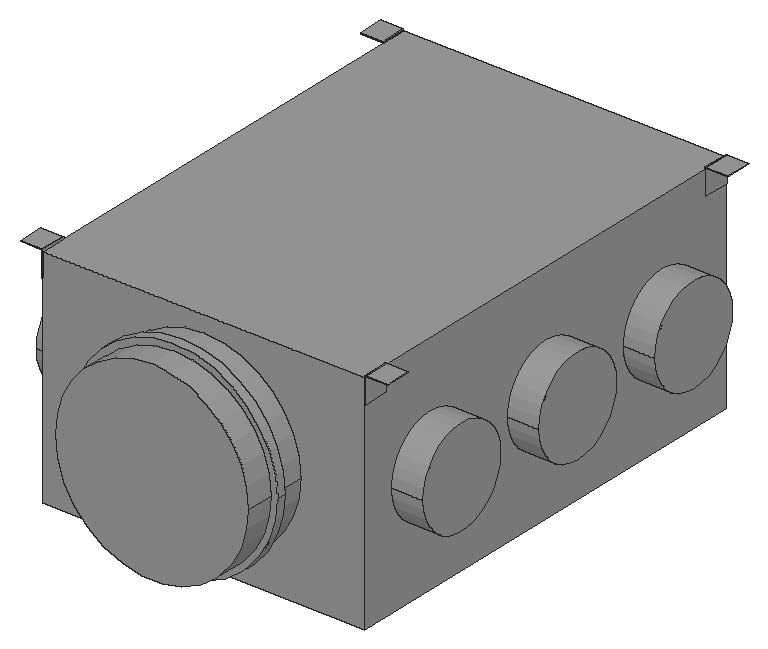
Revit family "SA_FASU(F8-150 300Φ)", category ダクト付属品, Revit 2021
Family settings
  丸型コネクタ寸法 = 直径を使用
  パーツ タイプ = ダンパー
  OmniClass 番号 = 23.75.00.00
  OmniClass タイトル = Climate Control (HVAC)
  作業面ベース = いいえ
  常に垂直 = はい
  ロード時にボイドで切り取り = いいえ
  共有 = いいえ
Parameters
  高さ = 350 mm
  風量 = 0.0 L/s
  符号 = "FASU"
  形式 = "F8-150 300φ"
  幅 [instance] = 500 mm
  奥行き = 700 mm
  大きさ = 250 mm
  呼称 = "FASUチャンバー"
  付属品_下端レベル [instance] = 0 mm
  マテリアル [instance] = 既定値
  ダクト_イン = 300 mm
  ダクト_アウト = 150 mm
  既定の高さ = 0 mm
Reference planes
  plane 1 "中心(正面/背面)": y = 0
  plane 2: z = 0
  plane 3 "中心(左/右)": x = 0
  plane 4: x = -250
  plane 5: x = 250
  plane 6: y = -700
  plane 7: z = 350
  plane 8: z = 175
  plane 9: z = 266.963
  plane 10: z = 86.159
  plane 11: x = -251
  plane 12: z = 313.122
  plane 13: z = 352.122
  plane 14: y = -350
Forms (mm)
  Extrusion 1, solid, material "既定値" <- "マテリアル"
    sketch origin (0, 0, 0) x (1, 0, 0) y (0, 1, 0)
      loop
        line (-250, 0) -> (-250, -700) -> (250, -700) -> (250, 0) -> (-250, 0)
    from 0 to 350
  Extrusion 2, solid, material "既定値" <- "マテリアル"
    sketch origin (0, -30, 0) x (1, 0, 0) y (0, 1, 0)
      loop
        line (-250, 30) -> (-251, 30) -> (-251, -10) -> (-250, -10) -> (-250, 30)
    from 313.122 to 350
  Extrusion 3, solid, material "既定値" <- "マテリアル"
    sketch origin (0, -30, 0) x (1, 0, 0) y (0, 1, 0)
      loop
        line (-285, 30) -> (-285, -10) -> (-251, -10) -> (-251, 30) -> (-285, 30)
    from 352.122 to 350
  Extrusion 4, solid, material "既定値" <- "マテリアル"
    sketch origin (0, -30, 0) x (-1, 0, 0) y (0, -1, 0)
      loop
        line (-250, -30) -> (-250, 10) -> (-251, 10) -> (-251, -30) -> (-250, -30)
    from 313.122 to 353.122
  Extrusion 5, solid, material "既定値" <- "マテリアル"
    sketch origin (0, -30, 0) x (-1, 0, 0) y (0, -1, 0)
      loop
        line (-285, -30) -> (-251, -30) -> (-251, 10) -> (-285, 10) -> (-285, -30)
    from 352.122 to 353.122
  Extrusion 6, solid, material "既定値" <- "マテリアル"
    sketch origin (0, -490, 0) x (1, 0, 0) y (0, 1, 0)
      loop
        line (-285, -170) -> (-285, -210) -> (-251, -210) -> (-251, -170) -> (-285, -170)
    from 352.122 to 353.122
  Extrusion 7, solid, material "既定値" <- "マテリアル"
    sketch origin (0, -490, 0) x (1, 0, 0) y (0, 1, 0)
      loop
        line (-250, -170) -> (-251, -170) -> (-251, -210) -> (-250, -210) -> (-250, -170)
    from 313.122 to 353.122
  Extrusion 8, solid, material "既定値" <- "マテリアル"
    sketch origin (0, -490, 0) x (-1, 0, 0) y (0, -1, 0)
      loop
        line (-285, 170) -> (-251, 170) -> (-251, 210) -> (-285, 210) -> (-285, 170)
    from 352.122 to 353.122
  Extrusion 9, solid, material "既定値" <- "マテリアル"
    sketch origin (0, -490, 0) x (-1, 0, 0) y (0, -1, 0)
      loop
        line (-250, 170) -> (-250, 210) -> (-251, 210) -> (-251, 170) -> (-250, 170)
    from 313.122 to 353.122
  Extrusion 10, solid, material "既定値" <- "マテリアル"
    sketch origin (550, -582.5, 0) x (0, -1, 0) y (0, 0, -1)
      loop
        circle (-232.5, -175) r 74.985
    from -300 to -250
  Extrusion 11, solid, material "既定値" <- "マテリアル"
    sketch origin (-550, -582.5, 0) x (0, -1, 0) y (0, 0, 1)
      loop
        circle (-232.5, 175) r 74.985
    from -300 to -250
  Extrusion 12, solid, material "既定値" <- "マテリアル"
    sketch origin (0, -700, 0) x (1, 0, 0) y (0, 0, 1)
      loop
        circle (0, 175) r 150
    from 0 to 42.5
  Extrusion 13, solid, material "既定値" <- "マテリアル"
    sketch origin (0, -743, 0) x (1, 0, 0) y (0, 0, 1)
      loop
        circle (0, 175) r 160
    from -0.5 to 14.5
  Extrusion 14, solid, material "既定値" <- "マテリアル"
    sketch origin (0, -757.5, 0) x (1, 0, 0) y (0, 0, 1)
      loop
        circle (0, 175) r 150
    from 0 to 42.5
  Extrusion 15, solid, material "既定値" <- "マテリアル"
    sketch origin (550, -357.5, 0) x (0, -1, 0) y (0, 0, -1)
      loop
        circle (-232.5, -175) r 74.985
    from -300 to -250
  Extrusion 16, solid, material "既定値" <- "マテリアル"
    sketch origin (-550, -357.5, 0) x (0, -1, 0) y (0, 0, 1)
      loop
        circle (-232.5, 175) r 74.985
    from -300 to -250
  Extrusion 17, solid, material "既定値" <- "マテリアル"
    sketch origin (550, -142.5, 0) x (0, 1, 0) y (0, 0, 1)
      loop
        circle (-432.5, 175) r 74.985
    from -300 to -250
  Extrusion 18, solid, material "既定値" <- "マテリアル"
    sketch origin (0, -142.5, 0) x (0, 1, 0) y (0, 0, 1)
      loop
        circle (-432.5, 175) r 74.985
    from -300 to -250
  Extrusion 19, solid, material "既定値" <- "マテリアル"
    sketch origin (345.5, 300, 0) x (1, 0, 0) y (0, 0, -1)
      loop
        circle (-232.5, -175) r 74.985
    from -300 to -250
  Extrusion 20, solid, material "既定値" <- "マテリアル"
    sketch origin (-345.5, 300, 0) x (-1, 0, 0) y (0, 0, 1)
      loop
        circle (-232.5, 175) r 74.985
    from -300 to -250
Lines and regions (mm)
  model lines
    curve 1: line (-250, -30, 0) -> (250, -30, 0)
    curve 2: line (-250, -670, 0) -> (250, -670, 0)
Text (mm)
  text "FASU(F8-150 300Φ)" at (3.713, -630.412, 0), in view "参照レベル"
Dimensions and locks
  equal spacing: plane 4, plane 3 "中心(左/右)", plane 5
  "幅": plane 4 to plane 5
  "奥行き": plane 6 to plane 1 "中心(正面/背面)"
  "高さ": plane 7 to level
  equal spacing: plane 7, plane 8, level
  equal spacing: plane 6, plane 14, plane 1 "中心(正面/背面)"
  aligned and locked: level to plane 2
  aligned and locked: Extrusion 1 sketch curve to plane 5
  aligned and locked: plane 7 to Extrusion 1
  aligned and locked: Extrusion 2 sketch curve to Extrusion 1
  aligned and locked: plane 7 to Extrusion 2
  aligned and locked: Extrusion 3 sketch curve to Extrusion 2
  aligned and locked: Extrusion 2 to Extrusion 3 sketch curve
  aligned and locked: plane 7 to Extrusion 3
  aligned and locked: Extrusion 3 to plane 13
  aligned and locked: Extrusion 4 to Extrusion 5 sketch curve
  aligned and locked: Extrusion 5 sketch curve to Extrusion 4
  aligned and locked: Extrusion 1 to Extrusion 8
  aligned and locked: Extrusion 6 to Extrusion 1
  aligned and locked: Extrusion 7 to Extrusion 1
  aligned and locked: Extrusion 1 to Extrusion 9
  aligned and locked: Extrusion 9 to Extrusion 8
  aligned and locked: Extrusion 7 to Extrusion 6
  aligned and locked: plane 4 to Extrusion 7
  aligned and locked: Extrusion 9 to plane 5
  aligned and locked: plane 4 to curve 1
  aligned and locked: plane 5 to curve 1
  aligned and locked: plane 5 to curve 2
  aligned and locked: Extrusion 1 to Extrusion 3
  aligned and locked: Extrusion 5 to Extrusion 1
  aligned and locked: Extrusion 4 to plane 5
  aligned and locked: Extrusion 1 to plane 6
  aligned and locked: Extrusion 1 to plane 1 "中心(正面/背面)"
  aligned and locked: plane 6 to Extrusion 12
  aligned and locked: Extrusion 15 to plane 5
  aligned and locked: plane 4 to Extrusion 16
  aligned and locked: Extrusion 17 to plane 5
  aligned and locked: plane 4 to Extrusion 18
  aligned and locked: plane 1 "中心(正面/背面)" to Extrusion 19
  aligned and locked: plane 1 "中心(正面/背面)" to Extrusion 20
Automatic sketch dimensions
  curve 2 to plane 4 = 0 mm
  plane 6 to curve 2 = 30 mm
  plane 1 "中心(正面/背面)" to curve 1 = 30 mm
  Extrusion 1 sketch curve to plane 4 = 0 mm
  Extrusion 1 sketch curve to plane 6 = 0 mm
  plane 1 "中心(正面/背面)" to Extrusion 1 sketch curve = 0 mm
  plane 1 "中心(正面/背面)" to Extrusion 2 sketch curve = 0 mm
  Extrusion 2 sketch curve to plane 11 = 0 mm
  Extrusion 2 sketch curve to Extrusion 2 sketch curve = 40 mm
  plane 1 "中心(正面/背面)" to Extrusion 3 sketch curve = 0 mm
  Extrusion 3 sketch curve to Extrusion 3 sketch curve = 34 mm
  plane 1 "中心(正面/背面)" to Extrusion 4 sketch curve = 0 mm
  Extrusion 4 sketch curve to plane 5 = 0 mm
  Extrusion 4 sketch curve to Extrusion 4 sketch curve = 1 mm
  Extrusion 4 sketch curve to Extrusion 4 sketch curve = 40 mm
  plane 1 "中心(正面/背面)" to Extrusion 5 sketch curve = 0 mm
  Extrusion 5 sketch curve to Extrusion 5 sketch curve = 34 mm
  Extrusion 6 sketch curve to plane 6 = 0 mm
  Extrusion 6 sketch curve to plane 11 = 0 mm
  Extrusion 6 sketch curve to plane 11 = 34 mm
  plane 6 to Extrusion 6 sketch curve = 40 mm
  Extrusion 7 sketch curve to plane 11 = 0 mm
  Extrusion 7 sketch curve to plane 4 = 0 mm
  Extrusion 7 sketch curve to plane 6 = 0 mm
  plane 6 to Extrusion 7 sketch curve = 40 mm
  Extrusion 8 sketch curve to plane 6 = 0 mm
  Extrusion 8 sketch curve to plane 5 = 35 mm
  Extrusion 8 sketch curve to plane 5 = 1 mm
  Extrusion 8 sketch curve to Extrusion 8 sketch curve = 40 mm
  Extrusion 9 sketch curve to plane 6 = 0 mm
  Extrusion 9 sketch curve to plane 5 = 0 mm
  Extrusion 9 sketch curve to Extrusion 9 sketch curve = 1 mm
  Extrusion 9 sketch curve to Extrusion 9 sketch curve = 40 mm
  Extrusion 10 sketch curve to plane 8 = 0 mm
  Extrusion 10 sketch curve to plane 14 = 0 mm
  Extrusion 11 sketch curve to plane 8 = 0 mm
  Extrusion 11 sketch curve to plane 14 = 0 mm
  Extrusion 12 sketch curve to plane 3 "中心(左/右)" = 0 mm
  Extrusion 12 sketch curve to plane 8 = 0 mm
  Extrusion 13 sketch curve to plane 3 "中心(左/右)" = 0 mm
  Extrusion 13 sketch curve to plane 8 = 0 mm
  Extrusion 14 sketch curve to plane 3 "中心(左/右)" = 0 mm
  Extrusion 14 sketch curve to plane 8 = 0 mm
  Extrusion 15 sketch curve to plane 8 = 0 mm
  plane 1 "中心(正面/背面)" to Extrusion 15 sketch curve = 125 mm
  Extrusion 16 sketch curve to plane 8 = 0 mm
  plane 1 "中心(正面/背面)" to Extrusion 16 sketch curve = 125 mm
  Extrusion 17 sketch curve to plane 8 = 0 mm
  plane 6 to Extrusion 17 sketch curve = 125 mm
  Extrusion 18 sketch curve to plane 8 = 0 mm
  plane 6 to Extrusion 18 sketch curve = 125 mm
  Extrusion 19 sketch curve to plane 8 = 0 mm
  plane 3 "中心(左/右)" to Extrusion 19 sketch curve = 113 mm
  Extrusion 20 sketch curve to plane 8 = 0 mm
  Extrusion 20 sketch curve to plane 3 "中心(左/右)" = 113 mm
  radius of Extrusion 10 sketch curve = 74.985 mm
  radius of Extrusion 11 sketch curve = 74.985 mm
  radius of Extrusion 12 sketch curve = 150 mm
  radius of Extrusion 13 sketch curve = 160 mm
  radius of Extrusion 14 sketch curve = 150 mm
  radius of Extrusion 15 sketch curve = 74.985 mm
  radius of Extrusion 16 sketch curve = 74.985 mm
  radius of Extrusion 17 sketch curve = 74.985 mm
  radius of Extrusion 18 sketch curve = 74.985 mm
  radius of Extrusion 19 sketch curve = 74.985 mm
  radius of Extrusion 20 sketch curve = 74.985 mm
Connectors
  hvac at (-300, -575, 175), driven by "ダクト_アウト"
    settings: on Extrusion 18, index 1, duct flow 0.0 L/s, flow factor 0, pres drop 0.0 Pa, loss coef 0, conn angle 0.00°, conn width 304.8 mm, conn height 304.8 mm, conn diameter 150 mm, duct sys type 29, conn prof type 0, flow config 0, flow direction 2, loss method 0, conn ref index -1, conn util no, is conn primary yes, conn desc ""
  hvac at (-300, -350, 175), driven by "ダクト_アウト"
    settings: on Extrusion 11, index 2, duct flow 0.0 L/s, flow factor 0, pres drop 0.0 Pa, loss coef 0, conn angle 0.00°, conn width 304.8 mm, conn height 304.8 mm, conn diameter 150 mm, duct sys type 29, conn prof type 0, flow config 0, flow direction 2, loss method 0, conn ref index -1, conn util no, is conn primary no, conn desc ""
  hvac at (-300, -125, 175), driven by "ダクト_アウト"
    settings: on Extrusion 16, index 3, duct flow 0.0 L/s, flow factor 0, pres drop 0.0 Pa, loss coef 0, conn angle 0.00°, conn width 304.8 mm, conn height 304.8 mm, conn diameter 150 mm, duct sys type 29, conn prof type 0, flow config 0, flow direction 2, loss method 0, conn ref index -1, conn util no, is conn primary no, conn desc ""
  hvac at (-113, 50, 175), driven by "ダクト_アウト"
    settings: on Extrusion 20, index 4, duct flow 0.0 L/s, flow factor 0, pres drop 0.0 Pa, loss coef 0, conn angle 0.00°, conn width 304.8 mm, conn height 304.8 mm, conn diameter 150 mm, duct sys type 29, conn prof type 0, flow config 0, flow direction 2, loss method 0, conn ref index -1, conn util no, is conn primary no, conn desc ""
  hvac at (113, 50, 175), driven by "ダクト_アウト"
    settings: on Extrusion 19, index 5, duct flow 0.0 L/s, flow factor 0, pres drop 0.0 Pa, loss coef 0, conn angle 0.00°, conn width 304.8 mm, conn height 304.8 mm, conn diameter 150 mm, duct sys type 29, conn prof type 0, flow config 0, flow direction 2, loss method 0, conn ref index -1, conn util no, is conn primary no, conn desc ""
  hvac at (300, -125, 175), driven by "ダクト_アウト"
    settings: on Extrusion 15, index 6, duct flow 0.0 L/s, flow factor 0, pres drop 0.0 Pa, loss coef 0, conn angle 0.00°, conn width 304.8 mm, conn height 304.8 mm, conn diameter 150 mm, duct sys type 29, conn prof type 0, flow config 0, flow direction 2, loss method 0, conn ref index -1, conn util no, is conn primary no, conn desc ""
  hvac at (300, -350, 175), driven by "ダクト_アウト"
    settings: on Extrusion 10, index 7, duct flow 0.0 L/s, flow factor 0, pres drop 0.0 Pa, loss coef 0, conn angle 0.00°, conn width 304.8 mm, conn height 304.8 mm, conn diameter 150 mm, duct sys type 29, conn prof type 0, flow config 0, flow direction 2, loss method 0, conn ref index -1, conn util no, is conn primary no, conn desc ""
  hvac at (300, -575, 175), driven by "ダクト_アウト"
    settings: on Extrusion 17, index 8, duct flow 0.0 L/s, flow factor 0, pres drop 0.0 Pa, loss coef 0, conn angle 0.00°, conn width 304.8 mm, conn height 304.8 mm, conn diameter 150 mm, duct sys type 29, conn prof type 0, flow config 0, flow direction 2, loss method 0, conn ref index -1, conn util no, is conn primary no, conn desc ""
  hvac at (0, -800, 175), driven by "ダクト_イン"
    settings: on Extrusion 14, index 9, duct flow 0.0 L/s, flow factor 0, pres drop 0.0 Pa, loss coef 0, conn angle 0.00°, conn width 304.8 mm, conn height 304.8 mm, conn diameter 300 mm, duct sys type 29, conn prof type 0, flow config 0, flow direction 1, loss method 0, conn ref index -1, conn util no, is conn primary no, conn desc ""
